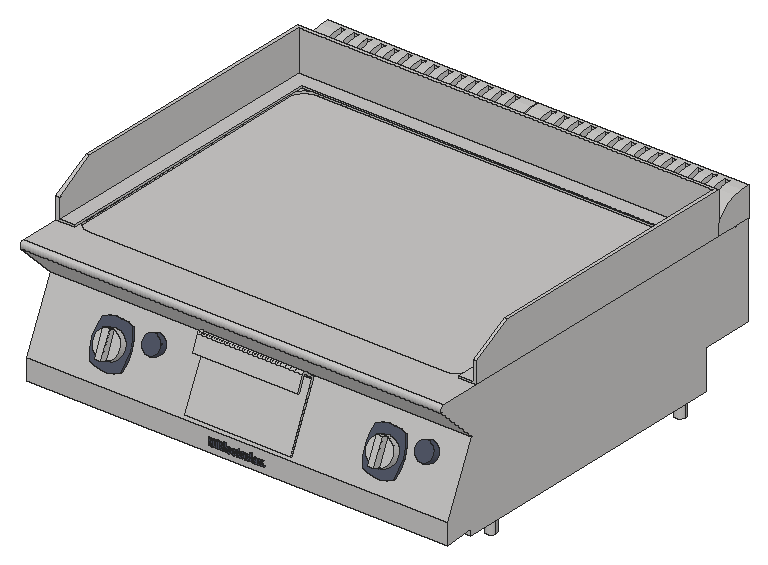
Revit family "QF_ELECTROLUXPROFESSIONAL_371414_E7IIMTAOMEI", category Attrezzature speciali, Revit 2018 (continued)
Automatic sketch dimensions
  Extrusion 19 sketch curve to Extrusion 19 sketch curve = 2.781 mm
  Extrusion 19 sketch curve to Extrusion 19 sketch curve = 1.118 mm
  Extrusion 19 sketch curve to Extrusion 19 sketch curve = 0.613 mm
  Extrusion 19 sketch curve to Extrusion 19 sketch curve = 0.361 mm
  Extrusion 19 sketch curve to Extrusion 19 sketch curve = 0.897 mm
  Extrusion 19 sketch curve to Extrusion 19 sketch curve = 0.167 mm
  Extrusion 19 sketch curve to Extrusion 19 sketch curve = 0.292 mm
  Extrusion 19 sketch curve to Extrusion 19 sketch curve = 0.305 mm
  Extrusion 19 sketch curve to Extrusion 19 sketch curve = 1.557 mm
  Extrusion 19 sketch curve to Extrusion 19 sketch curve = 2.499 mm
  Extrusion 19 sketch curve to Extrusion 19 sketch curve = 3.062 mm
  Extrusion 19 sketch curve to Extrusion 19 sketch curve = 2.968 mm
  Extrusion 19 sketch curve to Extrusion 19 sketch curve = 5.044 mm
  Extrusion 19 sketch curve to Extrusion 19 sketch curve = 0.629 mm  (x2)
  Extrusion 19 sketch curve to Extrusion 19 sketch curve = 1.131 mm
  Extrusion 19 sketch curve to Extrusion 19 sketch curve = 0.137 mm
  Extrusion 19 sketch curve to Extrusion 19 sketch curve = 0.027 mm
  Extrusion 19 sketch curve to Extrusion 19 sketch curve = 2.235 mm
  Extrusion 10 sketch curve to Extrusion 10 sketch curve = 0 mm  (x2)
  plane 5 "FRONT" to Extrusion 10 sketch curve = 52.387 mm
  Extrusion 10 sketch curve to Extrusion 10 sketch curve = 2.884 mm  (x3)
  plane 5 "FRONT" to Extrusion 10 sketch curve = 34.985 mm
  plane 5 "FRONT" to Extrusion 10 sketch curve = 22.323 mm
  Extrusion 10 sketch curve to Extrusion 10 sketch curve = 0.82 mm
  Extrusion 10 sketch curve to Extrusion 10 sketch curve = 1.711 mm
  Extrusion 10 sketch curve to Extrusion 10 sketch curve = 1.332 mm
  plane 5 "FRONT" to Extrusion 10 sketch curve = 1.554 mm
  Extrusion 10 sketch curve to plane 5 "FRONT" = 19.661 mm
  Extrusion 10 sketch curve to plane 5 "FRONT" = 51.436 mm
  Extrusion 10 sketch curve to Extrusion 10 sketch curve = 0.891 mm
  Extrusion 10 sketch curve to Extrusion 10 sketch curve = 2.686 mm
  Extrusion 10 sketch curve to Extrusion 10 sketch curve = 16.406 mm
  plane 9 "BASE" to Extrusion 10 sketch curve = 52.105 mm
  Extrusion 10 sketch curve to Extrusion 10 sketch curve = 1.327 mm  (x2)
  Extrusion 10 sketch curve to Extrusion 10 sketch curve = 13.211 mm
  Extrusion 10 sketch curve to Extrusion 10 sketch curve = 0.681 mm
  Extrusion 10 sketch curve to Extrusion 10 sketch curve = 0.787 mm
  Extrusion 10 sketch curve to Extrusion 10 sketch curve = 4.979 mm
  plane 3 "LEFT" to curve 15 = 64.136 mm
  curve 13 to curve 7 = 35.035 mm
  plane 1 "BACK" to curve 84 = 0 mm
  curve 84 to plane 7 "Center Y" = 0 mm
  curve 70 to plane 7 "Center Y" = 106.168 mm
  plane 1 "BACK" to curve 68 = 6.761 mm
  curve 69 to curve 70 = 9.296 mm
  plane 1 "BACK" to curve 64 = 6.761 mm
  curve 64 to curve 68 = 16.193 mm
  curve 66 to curve 66 = 9.296 mm
  curve 62 to curve 65 = 16.193 mm
  curve 61 to curve 60 = 9.296 mm
  plane 1 "BACK" to curve 56 = 6.761 mm
  curve 56 to curve 60 = 16.193 mm
  curve 56 to curve 56 = 9.296 mm
  curve 55 to curve 57 = 16.193 mm
  curve 53 to curve 52 = 9.296 mm
  curve 51 to curve 52 = 16.193 mm
  curve 50 to curve 50 = 9.296 mm
  plane 1 "BACK" to curve 44 = 6.761 mm
  curve 44 to curve 48 = 16.193 mm
  curve 45 to curve 46 = 9.296 mm
  curve 42 to curve 45 = 16.193 mm
  curve 42 to curve 42 = 9.296 mm
  plane 1 "BACK" to curve 36 = 6.761 mm
  curve 38 to curve 41 = 16.193 mm
  curve 37 to curve 38 = 9.296 mm
  plane 1 "BACK" to curve 35 = 6.761 mm
  curve 35 to curve 36 = 16.193 mm
  curve 34 to curve 34 = 9.296 mm
  plane 1 "BACK" to curve 28 = 6.761 mm
  curve 28 to curve 32 = 16.193 mm
  curve 28 to curve 28 = 9.296 mm
  curve 70 to curve 74 = 16.193 mm
  curve 72 to curve 75 = 9.296 mm
  plane 1 "BACK" to curve 76 = 6.761 mm
  curve 74 to curve 78 = 16.193 mm
  curve 77 to curve 79 = 9.296 mm
  curve 78 to curve 81 = 16.193 mm
  curve 80 to curve 83 = 9.296 mm
  plane 1 "BACK" to curve 137 = 6.761 mm
  plane 7 "Center Y" to curve 137 = 29.703 mm
  curve 137 to curve 137 = 9.296 mm
  curve 138 to curve 135 = 16.193 mm
  curve 133 to curve 133 = 9.296 mm
  plane 1 "BACK" to curve 129 = 6.761 mm
  curve 133 to curve 129 = 16.193 mm
  curve 129 to curve 129 = 9.296 mm
  curve 130 to curve 128 = 16.193 mm
  curve 125 to curve 126 = 9.296 mm
  curve 126 to curve 124 = 16.193 mm
  curve 121 to curve 122 = 9.296 mm
  curve 122 to curve 119 = 16.193 mm
  curve 117 to curve 118 = 9.296 mm
  curve 118 to curve 115 = 16.193 mm
  plane 1 "BACK" to curve 113 = 6.761 mm
  curve 113 to curve 114 = 9.296 mm
  plane 1 "BACK" to curve 109 = 6.761 mm
  curve 114 to curve 111 = 16.193 mm
  curve 109 to curve 110 = 9.296 mm
  curve 110 to curve 108 = 16.193 mm
  curve 105 to curve 106 = 9.296 mm
  curve 106 to curve 103 = 16.193 mm
  curve 101 to curve 102 = 9.296 mm
  plane 1 "BACK" to curve 97 = 6.761 mm
  curve 101 to curve 97 = 16.193 mm
  curve 97 to curve 98 = 9.296 mm
  plane 1 "BACK" to curve 96 = 6.761 mm
  curve 97 to curve 96 = 16.193 mm
  curve 95 to curve 94 = 9.296 mm
  plane 1 "BACK" to curve 92 = 6.761 mm
  curve 93 to curve 92 = 16.193 mm
  curve 89 to curve 90 = 9.296 mm
  curve 90 to curve 88 = 16.193 mm
  curve 87 to curve 87 = 9.296 mm
  curve 84 to curve 137 = 63.089 mm
  curve 84 to curve 139 = 5.939 mm
  curve 29 to curve 28 = 57.15 mm
  curve 138 to curve 136 = 0 mm
  curve 30 to curve 33 = 0 mm
  curve 134 to curve 132 = 0 mm
  curve 34 to curve 37 = 0 mm
  curve 130 to curve 128 = 0 mm
  curve 38 to curve 41 = 0 mm
  curve 126 to curve 124 = 0 mm
  curve 42 to curve 45 = 0 mm
  curve 122 to curve 120 = 0 mm
  curve 46 to curve 49 = 0 mm
  curve 118 to curve 116 = 0 mm
  curve 50 to curve 53 = 0 mm
  curve 114 to curve 112 = 0 mm
  curve 54 to curve 57 = 0 mm
  curve 110 to curve 108 = 0 mm
  curve 58 to curve 61 = 0 mm
  curve 106 to curve 104 = 0 mm
  curve 62 to curve 65 = 0 mm
  curve 102 to curve 100 = 0 mm
  curve 66 to curve 69 = 0 mm
  curve 98 to curve 96 = 0 mm
  curve 70 to curve 73 = 0 mm
  curve 94 to curve 92 = 0 mm
  curve 74 to curve 77 = 0 mm
  curve 90 to curve 88 = 0 mm
  curve 78 to curve 81 = 0 mm
  plane 1 "BACK" to curve 55 = 6.761 mm
  plane 1 "BACK" to curve 85 = 6.761 mm
  plane 1 "BACK" to curve 81 = 6.761 mm
  plane 1 "BACK" to curve 75 = 6.761 mm
  plane 1 "BACK" to curve 101 = 6.761 mm
  plane 1 "BACK" to curve 105 = 6.761 mm
  plane 1 "BACK" to curve 61 = 6.761 mm
  plane 1 "BACK" to curve 117 = 6.761 mm
  plane 1 "BACK" to curve 49 = 6.761 mm
  plane 1 "BACK" to curve 121 = 6.761 mm
  plane 1 "BACK" to curve 125 = 6.761 mm
  plane 1 "BACK" to curve 41 = 6.761 mm
  plane 1 "BACK" to curve 133 = 6.761 mm
  plane 1 "BACK" to curve 25 = 0 mm
  curve 25 to plane 4 "RIGHT" = 0 mm
  curve 26 to plane 4 "RIGHT" = 0 mm
  plane 1 "BACK" to curve 27 = 0 mm
  curve 27 to plane 4 "RIGHT" = 0 mm
  curve 27 to plane 3 "LEFT" = 0 mm
  curve 26 to plane 3 "LEFT" = 0 mm
  curve 25 to plane 3 "LEFT" = 0 mm
  curve 25 to curve 26 = 69.85 mm
  Extrusion 20 sketch curve to plane 10 "TOP A" = 0 mm
  Extrusion 20 sketch curve to plane 1 "BACK" = 0 mm
  plane 1 "BACK" to Extrusion 20 sketch curve = 4.947 mm
  plane 6 "TOP" to Extrusion 20 sketch curve = 11.113 mm
  plane 1 "BACK" to Extrusion 20 sketch curve = 69.85 mm
  Extrusion 20 sketch curve to plane 10 "TOP A" = 24.807 mm
  plane 1 "BACK" to Extrusion 21 sketch curve = 6.761 mm  (x14)
  Extrusion 21 sketch curve to Extrusion 21 sketch curve = 57.15 mm
  Extrusion 21 sketch curve to Extrusion 21 sketch curve = 0 mm  (x13)
  plane 3 "LEFT" to Extrusion 21 sketch curve = 29.703 mm
  Extrusion 21 sketch curve to Extrusion 21 sketch curve = 9.296 mm  (x14)
  Extrusion 21 sketch curve to Extrusion 21 sketch curve = 16.193 mm  (x13)
  Extrusion 22 sketch curve to plane 10 "TOP A" = 0 mm
  Extrusion 22 sketch curve to plane 1 "BACK" = 0 mm
  plane 1 "BACK" to Extrusion 22 sketch curve = 4.947 mm
  plane 6 "TOP" to Extrusion 22 sketch curve = 11.113 mm
  plane 1 "BACK" to Extrusion 22 sketch curve = 69.85 mm
  Extrusion 22 sketch curve to plane 10 "TOP A" = 24.807 mm
  plane 1 "BACK" to Extrusion 23 sketch curve = 6.761 mm  (x14)
  Extrusion 23 sketch curve to Extrusion 23 sketch curve = 57.15 mm
  Extrusion 23 sketch curve to Extrusion 23 sketch curve = 0 mm  (x13)
  plane 7 "Center Y" to Extrusion 23 sketch curve = 29.703 mm
  Extrusion 23 sketch curve to Extrusion 23 sketch curve = 9.296 mm  (x14)
  Extrusion 23 sketch curve to Extrusion 23 sketch curve = 16.193 mm  (x13)
  radius of Extrusion 3 sketch curve = 9.525 mm  (x4)
  radius of Extrusion 4 sketch curve = 6.35 mm
  radius of Extrusion 12 sketch curve = 25.4 mm
  radius of Extrusion 13 sketch curve to Extrusion 12 = 0 mm  (x2)
  radius of Extrusion 15 sketch curve = 25.4 mm
  radius of Extrusion 16 sketch curve to Extrusion 15 = 0 mm  (x2)
  radius of Extrusion 17 sketch curve = 17.78 mm
  radius of Extrusion 18 sketch curve = 17.78 mm
Connectors
  piping at (749.3, -98.425, 57.718), diameter 12.7, driven by "Gas Size"
    settings: on Extrusion 4, index 1, connector inside diameter 0.50394", connector length 0 mm, flow factor 0, pipe flow 0 GPM, pressure drop 0.00 psi, fitting loss kfactor 0, connector angle 0.00°, fixture units 0, engagement length 0 mm, angle of deflection 0.00°, flow configuration 1, flow direction 1, fitting loss method 0, system type 7, joint type 0, gender type 0, connector reference index -1, connector utility 0, adjustable connector no, is connector primary yes, connector description "Gas Connection"
Types (2, lengths in mm): name | URL | Modello | Produttore | Gas Size | Descrizione
  (no name) | "www.electrolux.com/foodservice" | "371032" | "ELECTROLUX" | 0" | "700XP Full Module Gas Fry Top, 2/3 Smotth Plate - 1/3 Ribbed Plate, Mild Steel"
  Standard | "https://www.electroluxprofessional.com/" | "E7IIMTAOMEI" | "Electrolux Professional" | 1/2" | "GAS FRY TOP-SMOOTH+RIBBED PLATE 800MM-BRUSHED CHROME - QMARK"
